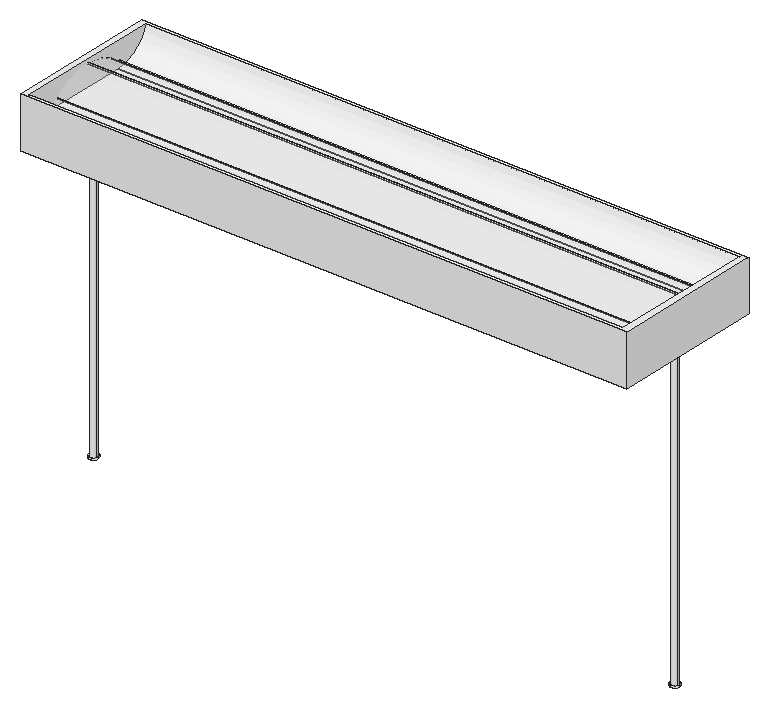
Revit family "LCAT-CM", category Lighting Fixtures, host Face, Revit 2021
Family settings
  Host = Face
  Round Connector Dimension = Use Diameter
  Part Type = Normal
  OmniClass Number = 23.80.70.11
  OmniClass Title = Luminaries for Internal Lighting
  Cut with Voids When Loaded = No
  Light Source = No
  Shared = No
  Room Calculation Point = No
Parameters (values of type "LCAT-CM-14")
  zz Length = Row Length - 0.083333 ft  # 3.916667 ft
  Width = 1.000 ft
  Warranty = "Five year warranty"  # constant formula
  Voltage = 120 V
  Suspension Height = 2.000 ft
  Wattage Comments = "40-80 W"  # constant formula
  URL = "https://www.currentlighting.com/columbia"
  Product Page URL = ""
  Product Documentation Link = ""
  Photometric Web = Web LCAT : LCAT14-30HLG-EDU
  Model = "LCAT-CM-14"
  Manufacturer = "Columbia Lighting"  # constant formula
  Row Length = 4.000 ft
  Load Classification = Lighting
  Lamp = "LED Lamp"  # constant formula
  Light Bulb = White Glass
  Description = "LCAT provides both design and value with an architectural appearance, LED technology to reduce maintenance and a wide range of options for classrooms, offices, retail and health care applications"  # constant formula
  Default Elevation = 4.000 ft
  Backbox = White
  Apparent Load = 0 VA
Types (4, lengths in ft): name | zz Length | Width | Photometric Web | Model | Row Length | Load Classification
  (no name) | 3.916667 | 1.000 | Web LCAT : LCAT14-30HLG-EDU | "LCAT-CM-14" | 4.000 | Lighting
  LCAT-CM-14 | 3.916667 | 1.000 | Web LCAT : LCAT14-30HLG-EDU | "LCAT-CM-14" | 4.000 | Lighting
  LCAT-CM-22 | 1.916667 | 1.979167 | Web LCAT : LCAT22-50HLG-EDU | "LCAT-CM-22" | 2.000 | Other
  LCAT-CM-24 | 3.916667 | 2.083333 | Web LCAT : LCAT24-35LWG-EDU | "LCAT-CM-24" | 4.000 | Lighting
Reference planes (ft)
  plane 1 "Center (Front/Back)": y = 0.003333
  plane 2: z = 0
  plane 3 "Center (Left/Right)": x = 0.13912
  plane 4: x = -1.86088
  plane 5: x = 2.13912
  plane 6: z = 2
  plane 7: x = -1.777546
  plane 8: x = 2.055787
Forms (ft)
  Revolve 1, solid, material "White" <- "Backbox"
    sketch origin (0, 0.003333, 0) x (1, 0, 0) y (0, 0, 1)
      loop
        line (-1.777546, 2) -> (-1.777546, 0) -> (-1.747546, 0) -> (-1.747546, 0.008333) -> (-1.757546, 0.008333) -> (-1.757546, 1.991667) -> (-1.747546, 1.991667) -> (-1.747546, 2) -> (-1.777546, 2)
      axis (-1.777546, 2) -> (-1.777546, 0)
    angle from 0 to 360
  Revolve 2, solid, material "White" <- "Backbox"
    sketch origin (0, 0.003333, 0) x (1, 0, 0) y (0, 0, 1)
      loop
        line (2.055787, 2) -> (2.055787, 0) -> (2.085787, 0) -> (2.085787, 0.008333) -> (2.075787, 0.008333) -> (2.075787, 1.991667) -> (2.085787, 1.991667) -> (2.085787, 2) -> (2.055787, 2)
      axis (2.055787, 2) -> (2.055787, 0)
    angle from 0 to 360
Dimensions and locks (ft)
  equal spacing: plane 5, plane 3 "Center (Left/Right)", plane 4
  "Suspension Height": plane 6 to level
  equal spacing: plane 8, plane 3 "Center (Left/Right)", plane 7
  locked: plane 7 to plane 4 at 0.083333
  "Row Length": plane 5 to plane 4
  locked: Revolve 1 sketch curve to level at 0.008333
  locked: plane 6 to Revolve 2 sketch curve at 0.008333
  locked: plane 8 to Revolve 2 sketch curve at 0.02
  locked: Revolve 2 sketch curve to Revolve 2 sketch curve at 0.03
  locked: plane 8 to Revolve 2 sketch curve at 0.03
  locked: Revolve 2 sketch curve to plane 2 at 0.008333
  locked: Revolve 1 sketch curve to plane 7 at 0.02
  Revolve 1 sketch curve to plane 2 = 0.008333 ft
  locked: plane 7 to Revolve 1 sketch curve at 0.03
  locked: Revolve 1 sketch curve to plane 7 at 0.03
  aligned and locked: plane 2 to host face
  aligned and locked: level to host face
  aligned and locked: Revolve 1 sketch curve to plane 7
  aligned and locked: Revolve 1 sketch curve to plane 6
  aligned and locked: host face to Revolve 1 sketch curve
  aligned and locked: Revolve 1 sketch curve to Revolve 1 sketch curve
  aligned and locked: Revolve 2 sketch curve to Revolve 2 sketch curve
  aligned and locked: plane 8 to Revolve 2 sketch curve
  aligned and locked: plane 3 "Center (Left/Right)" to nested 1
  aligned and locked: plane 1 "Center (Front/Back)" to nested 1
  aligned and locked: plane 3 "Center (Left/Right)" to nested 2
  aligned and locked: plane 1 "Center (Front/Back)" to nested 2
  aligned and locked: plane 2 to Revolve 2 sketch curve
  aligned and locked: Revolve 2 sketch curve to plane 6
Automatic sketch dimensions
  host sketch curve to host sketch curve = 8.000 ft  (x2)
  Revolve 1 sketch curve to plane 6 = 0.008333 ft
  Revolve 1 sketch curve to level = 0.666667 ft
  Revolve 1 sketch curve to Revolve 1 sketch curve = 0.208333 ft
  plane 8 to Revolve 2 sketch curve = 0.000 ft
  Revolve 2 sketch curve to Revolve 2 sketch curve = 0.666667 ft
  Revolve 2 sketch curve to Revolve 2 sketch curve = 0.208333 ft
Nested families (ft)
  nested 1: "LED Contemporary Architectural Troffer" at (0.13912, 0.003333, 2), Glass <- "Light Bulb", Finish <- "Backbox", Row Length <- "Row Length", Width <- "Width", type "LED Contemporary Architectural Troffer"
    with Width 1.000 ft, Row Length 4.000 ft, Height 0.333333 ft, Glass White Glass, Finish White
  nested 2: "Web LCAT" at (0.142453, 0.023246, 2.166667) x (0, 1, 0) z (0, 0, 1), type <- "Photometric Web", type "LCAT14-30HLG-EDU"
Connectors (ft)
  electrical at (2.055787, 0.003333, 2), driven by "Voltage", driven by "Description", driven by "Apparent Load", driven by "Load Classification"
    settings: on Revolve 2, index 1, voltage 120 V, apparent load 0 VA, apparent load phase1 0 VA, apparent load phase2 0 VA, apparent load phase3 0 VA, power factor 1, load classification "Lighting", number of poles 1, system type 30, power factor state 1, is connector primary yes, connector utility no, sub classification motor no, connector description "LCAT provides both design and value with an architectural appearance, LED technology to reduce maintenance and a wide range of options for classrooms, offices, retail and health care applications"
Definition of nested family "LED Contemporary Architectural Troffer"
  Parameters
    Width [instance] = 2.000 ft
    Row Length [instance] = 2.000 ft
    Height [instance] = 0.333333 ft
    Glass [instance] = none
    Finish [instance] = none
    Default Elevation = 4.000 ft
  Reference planes (ft)
    plane 1 "Center (Front/Back)": y = 0
    plane 2: z = 0
    plane 3 "Center (Left/Right)": x = 0
    plane 4: x = 1
    plane 5: x = -1
    plane 6: y = -1
    plane 7: y = 1
    plane 8: z = 0.333333
    plane 9: x = -0.958333
    plane 10: x = 0.958333
    plane 11: y = -0.25
    plane 12: y = 0.25
    plane 13: z = 0.166667
    plane 14: y = -0.979167
    plane 15: y = 0.979167
    plane 16: z = 0.020833
  Forms (ft)
    Extrusion 1, solid
      sketch origin (0, 0, 0) x (1, 0, 0) y (0, 1, 0)
        loop
          line (-4, 4) -> (-4, -4) -> (4, -4) -> (4, 4) -> (-4, 4)
      from 0 to -1
    Extrusion 2, solid, material <- "Glass"
      sketch origin (0, 0, 0) x (0, 1, 0) y (0, 0, 1)
        loop
          arc (-0.25045, 0.166667) -> (-0.271283, 0.1875) -> (-0.25045, 0.208333) r 0.020833
          arc (-0.25045, 0.208333) -> (-0.135194, 0.283596) -> (0, 0.309496) r 0.355919
          arc (0, 0.309496) -> (0.135194, 0.283596) -> (0.25045, 0.208333) r 0.355919
          arc (0.25045, 0.208333) -> (0.271283, 0.1875) -> (0.25045, 0.166667) r 0.020833
          line (0.25045, 0.166667) -> (0.25045, 0.158186)
          arc (0.25045, 0.158186) -> (0.279683, 0.187419) -> (0.25045, 0.216651) r 0.029233
          arc (0.25045, 0.216651) -> (0.134867, 0.290829) -> (0, 0.316769) r 0.363081
          arc (0, 0.316769) -> (-0.134867, 0.290829) -> (-0.25045, 0.216651) r 0.363081
          arc (-0.25045, 0.216651) -> (-0.279683, 0.187419) -> (-0.25045, 0.158186) r 0.029233
          line (-0.25045, 0.158186) -> (-0.25045, 0.166667)
      from -0.958333 to 0.958333
    Extrusion 3, solid, material <- "Finish"
      sketch origin (0, 0, 0) x (0, 1, 0) y (0, 0, 1)
        loop
          line (-1, 0.333333) -> (-1, 0) -> (1, 0) -> (1, 0.333333) -> (-1, 0.333333)
      from 0.958333 to 1
    Extrusion 4, solid, material <- "Finish"
      sketch origin (0, 0, 0) x (0, 1, 0) y (0, 0, 1)
        loop
          line (1, 0.333333) -> (-1, 0.333333) -> (-1, 0) -> (1, 0) -> (1, 0.333333)
      from -1 to -0.958333
    Extrusion 5, solid, material <- "Finish"
      sketch origin (0, 0, 0) x (0, 1, 0) y (0, 0, 1)
        loop
          line (-1, 0) -> (1, 0) -> (1, 0.333333) -> (0.979167, 0.333333) -> (0.979167, 0.020833) -> (-0.979167, 0.020833) -> (-0.979167, 0.333333) -> (-1, 0.333333) -> (-1, 0)
      from -0.958333 to 0.958333
    Extrusion 6, solid, material <- "Finish"
      sketch origin (0, 0, 0) x (0, 1, 0) y (0, 0, 1)
        loop
          arc (-0.25, 0.166667) -> (-0.623986, 0.208864) -> (-0.979167, 0.333333) r 1.678385
          line (-0.979167, 0.333333) -> (-0.979167, 0.020833) -> (0.979167, 0.020833) -> (0.979167, 0.333333)
          arc (0.979167, 0.333333) -> (0.623986, 0.208864) -> (0.25, 0.166667) r 1.678385
          line (0.25, 0.166667) -> (-0.25, 0.166667)
      from -1 to 1
  Cuts and joins
    joined: Extrusion 3, Extrusion 4, Extrusion 5, Extrusion 6
  Dimensions and locks (ft)
    equal spacing: plane 4, plane 3 "Center (Left/Right)", plane 5
    "Row Length": plane 4 to plane 5
    equal spacing: plane 6, plane 1 "Center (Front/Back)", plane 7
    "Width": plane 6 to plane 7
    "Height": plane 8 to plane 2
    equal spacing: plane 10, plane 3 "Center (Left/Right)", plane 9
    locked: plane 9 to plane 5 at 0.041667
    equal spacing: plane 11, plane 1 "Center (Front/Back)", plane 12
    locked: plane 11 to plane 1 "Center (Front/Back)" at 0.25
    locked: plane 6 to plane 14 at 0.020833
    equal spacing: plane 14, plane 1 "Center (Front/Back)", plane 15
    locked: plane 16 to level at 0.020833
    level to Extrusion 5 = 0.333333 ft
    aligned and locked: plane 2 to Extrusion 1
    aligned and locked: level to Extrusion 1
    aligned and locked: Extrusion 2 to plane 10
    aligned and locked: Extrusion 2 to plane 9
    aligned and locked: plane 8 to Extrusion 3 sketch curve
    aligned and locked: plane 6 to Extrusion 3 sketch curve
    aligned and locked: level to Extrusion 3 sketch curve
    aligned and locked: Extrusion 3 sketch curve to plane 7
    aligned and locked: plane 4 to Extrusion 3
    aligned and locked: plane 10 to Extrusion 3
    aligned and locked: Extrusion 4 sketch curve to Extrusion 3  (x4)
    aligned and locked: Extrusion 4 to plane 5
    aligned and locked: plane 9 to Extrusion 4
    aligned and locked: Extrusion 5 sketch curve to Extrusion 3  (x4)
    aligned and locked: plane 8 to Extrusion 5 sketch curve
    aligned and locked: Extrusion 5 sketch curve to plane 14
    aligned and locked: plane 16 to Extrusion 5 sketch curve
    aligned and locked: Extrusion 5 sketch curve to plane 15
    aligned and locked: Extrusion 5 to plane 10
    aligned and locked: Extrusion 5 to plane 9
    aligned and locked: plane 13 to Extrusion 6 sketch curve
    aligned and locked: plane 12 to Extrusion 6 sketch curve
    aligned and locked: plane 11 to Extrusion 6 sketch curve
    aligned and locked: Extrusion 6 sketch curve to plane 14
    aligned and locked: plane 16 to Extrusion 6 sketch curve
    aligned and locked: Extrusion 6 sketch curve to plane 15
    aligned and locked: plane 4 to Extrusion 6
    aligned and locked: Extrusion 6 to plane 5
  Automatic sketch dimensions
    Extrusion 1 sketch curve to Extrusion 1 sketch curve = 8.000 ft  (x2)
    plane 13 to Extrusion 2 sketch curve = 0.000 ft  (x2)
    Extrusion 2 sketch curve to plane 1 "Center (Front/Back)" = 0.000 ft  (x2)
    plane 1 "Center (Front/Back)" to Extrusion 2 sketch curve = 0.000094 ft
    Extrusion 2 sketch curve to Extrusion 2 sketch curve = 0.0018 ft  (x2)
    Extrusion 2 sketch curve to plane 11 = 0.00045 ft
    Extrusion 2 sketch curve to plane 1 "Center (Front/Back)" = 0.000094 ft
    Extrusion 2 sketch curve to plane 12 = 0.00045 ft
    plane 13 to Extrusion 2 sketch curve = 0.008481 ft  (x2)
    Extrusion 2 sketch curve to level = 0.046313 ft
    Extrusion 2 sketch curve to Extrusion 2 sketch curve = 0.000 ft
    Extrusion 2 sketch curve to Extrusion 2 sketch curve = 0.000105 ft  (x2)
    Extrusion 2 sketch curve to Extrusion 2 sketch curve = 0.020752 ft
    Extrusion 2 sketch curve to Extrusion 2 sketch curve = 0.000081 ft
    plane 8 to Extrusion 6 sketch curve = 0.000 ft  (x2)
Definition of nested family "Web LCAT"
  Parameters
    Wattage Comments = ""
    Wattage = 80 W
    built-in parameter 1150110 = 1 (stored number, unit not read)
    URL = ""
    built-in parameter 1114217 = 1 (stored number, unit not read)
    Tilt Angle = 90.00°
    built-in parameter 1150109 = 1 (stored number, unit not read)
    built-in parameter 1150134 = 2
    built-in parameter 1150113 = 1 (stored number, unit not read)
    Product Page URL = ""
    Product Documentation Link = ""
    Photometric Web File = "LCAT24-50XLG-EDU.ies"
    Model = ""
    Manufacturer Phone = ""
    Manufacturer Fax = ""
    Manufacturer = ""
    built-in parameter 1150105 = 585.69 (stored number, unit not read)
    Lumens = 7360 lm
    built-in parameter 1150115 = 1 (stored number, unit not read)
    built-in parameter 1150137 = (empty or 0)
    built-in parameter 1150139 = (empty or 0)
    built-in parameter 1150112 = 1 (stored number, unit not read)
    built-in parameter 1150114 = 1 (stored number, unit not read)
    Lamp = ""
    built-in parameter 1150132 = (empty or 0)
    built-in parameter 1150102 = (empty or 0)
    built-in parameter 1150107 = 5000 (stored number, unit not read)
    built-in parameter 1150138 = (empty or 0)
    built-in parameter 1150106 = 5.8569 (stored number, unit not read)
    Emit from Rectangle Width = 0.500 ft
    Emit from Rectangle Length = 3.916667 ft
    Emit Shape Visible in Rendering = no
    built-in parameter 1150104 = 8.5471 (stored number, unit not read)
    Dimming Lamp Color Temperature Shift = (empty or 0)
    Description = ""
    Default Elevation = 4.000 ft
    Color Filter = 16777215
    built-in parameter 1114218 = 1 (stored number, unit not read)
    built-in parameter 1150133 = 10 (stored number, unit not read)
  Reference planes (ft)
    plane 1 "Center (Front/Back)": y = 0.003333
    plane 2: z = 0
    plane 3 "Center (Left/Right)": x = -0.019913
  Forms (ft)
    Extrusion 1, solid
      sketch origin (0, 0, 0.005297) x (1, 0, 0) y (0, 1, 0)
        loop
          line (-4, 4) -> (-4, -4) -> (4, -4) -> (4, 4) -> (-4, 4)
      from -0.005297 to -1.478638
  Lines and regions (ft)
    reference lines
      curve 1: line (-0.019913, 0.003333, 1.50954) -> (-0.019913, 0.003333, -1.907127)
      curve 2: line (-0.019913, 0.003333, 2.833333) -> (-0.019913, 0.003333, -1.907127)
  Dimensions and locks (ft)
    aligned and locked: plane 2 to Extrusion 1
    aligned and locked: level to Extrusion 1
    aligned and locked: curve 1 to plane 3 "Center (Left/Right)"
    aligned and locked: plane 1 "Center (Front/Back)" to curve 2
    aligned and locked: imposter light to plane 1 "Center (Front/Back)"
    aligned and locked: imposter light to level
    aligned and locked: plane 3 "Center (Left/Right)" to imposter light
